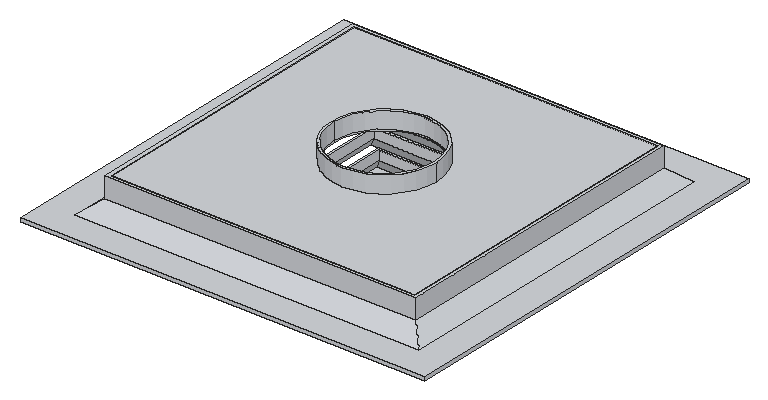
Revit family "Square Diffuser-Round Neck-Fresh Air", category Air Terminals, Revit 2013
Parameters (values of type "600x600-Square Diffuser-Round Neck-Fresh Air")
  UpFlowArrow [instance] = yes
  System Abbreviation = ""
  Spigot Radius [instance] = Spigot Diameter / 2  # 75 mm
  Spigot Outside Radius [instance] = Spigot Radius + 3.0 mm  # 78 mm
  Spigot Diameter [instance] = if(Air Flow < 31.0 L/s, 100.0 mm, if(Air Flow < 71.0 L/s, 150.0 mm, if(Air Flow < 121.0 L/s, 200.0 mm, if(Air Flow < 201.0 L/s, 250.0 mm, 300.0 mm))))  # 150 mm
  Pressure Drop [instance] = 14.0 Pa
  RightFlowArrow [instance] = yes
  Max Flow = 0.0 L/s
  LeftFlowArrow [instance] = yes
  Flow [instance] = 70.0 L/s
  Diffuser Service [instance] = "FA"
  Diffuser Neck Length = 450 mm
  Diffuser Neck Width = 450 mm
  DownFlowArrow [instance] = yes
  Diffuser Total Length = Diffuser Neck Length + 150.0 mm  # 600.0 mm
  Diffuser Total Width = Diffuser Neck Width + 150.0 mm  # 600.0 mm
  Description = ""
  Assembly Code = ""
  Air Flow [instance] = Flow  # 70.0 L/s
Types (5, lengths in mm): name | Spigot Radius | Spigot Outside Radius | Spigot Diameter | Flow | Diffuser Neck Length | Diffuser Neck Width | Diffuser Total Length | Diffuser Total Width | Air Flow
  600x600-Square Diffuser-Round Neck-Fresh Air | 75 | 78 | 150 | 70.0 L/s | 450 | 450 | 600.0 | 600.0 | 70.0 L/s
  300x300-Square Diffuser-Round Neck-Fresh Air | 75 | 78 | 150 | 70.0 L/s | 225 | 225 | 375.0 | 375.0 | 70.0 L/s
  375x375-Square Diffuser-Round Neck-Fresh Air | 75 | 78 | 150 | 70.0 L/s | 225 | 225 | 375.0 | 375.0 | 70.0 L/s
  450x450-Square Diffuser-Round Neck-Fresh Air | 100 | 103 | 200 | 95.0 L/s | 300 | 300 | 450.0 | 450.0 | 95.0 L/s
  525x525-Square Diffuser-Round Neck-Fresh Air | 150 | 153 | 300 | 320.0 L/s | 375 | 375 | 525.0 | 525.0 | 320.0 L/s
Reference planes
  plane 1 "Center (Front/Back)": y = 0
  plane 2: z = 0
  plane 3 "Center (Left/Right)": x = 0
  plane 4: x = -225
  plane 5: x = 225
  plane 6: x = -230
  plane 7: x = 230
  plane 8: y = 225
  plane 9: y = -225
  plane 10: y = 230
  plane 11: y = -230
  plane 12: z = -5
  plane 13: x = -255
  plane 14: x = -300
  plane 15: x = 255
  plane 16: x = 300
  plane 17: z = 20
  plane 18: z = 50
  plane 19: y = 350
  plane 20: x = 350
  plane 21: y = -350
  plane 22: x = -350
Forms (mm)
  Sweep 1, solid
    path origin (0, 0, 0) x (1, 0, 0) y (0, 1, 0)
      loop
        line (-230, -230) -> (230, -230) -> (230, 230) -> (-230, 230) -> (-230, -230)
    profile origin (-230, 0, 0) x (-1, 0, 0) y (0, 0, 1)
      loop
        line (70, -5) -> (70, 0) -> (25, 0) -> (0, 20) -> (0, 50) -> (-5, 50) -> (-5, 17.597) -> (23.246, -5) -> (70, -5)
  Sweep 2, solid
    path origin (0, 0, 0) x (1, 0, 0) y (0, 1, 0)
      loop
        line (-212.5, -212.5) -> (212.5, -212.5) -> (212.5, 212.5) -> (-212.5, 212.5) -> (-212.5, -212.5)
    profile "Sq Diff Fins : Sq Diff Fins" origin (-212.5, 0, 0) x (-1, 0, 0) y (0, 0, 1)
      loop
        line (0, -5) -> (-22, 20) -> (-22, 35) -> (-25, 35) -> (-25, 20) -> (-3.5, -5) -> (0, -5)
  Sweep 3, solid
    path origin (0, 0, 0) x (1, 0, 0) y (0, 1, 0)
      loop
        line (-175, -175) -> (175, -175) -> (175, 175) -> (-175, 175) -> (-175, -175)
    profile "Sq Diff Fins : Sq Diff Fins" origin (-175, 0, 0) x (-1, 0, 0) y (0, 0, 1)
      loop
        line (0, -5) -> (-22, 20) -> (-22, 35) -> (-25, 35) -> (-25, 20) -> (-3.5, -5) -> (0, -5)
  Sweep 4, solid
    path origin (0, 0, 0) x (1, 0, 0) y (0, 1, 0)
      loop
        line (-137.5, -137.5) -> (137.5, -137.5) -> (137.5, 137.5) -> (-137.5, 137.5) -> (-137.5, -137.5)
    profile "Sq Diff Fins : Sq Diff Fins" origin (-137.5, 0, 0) x (-1, 0, 0) y (0, 0, 1)
      loop
        line (0, -5) -> (-22, 20) -> (-22, 35) -> (-25, 35) -> (-25, 20) -> (-3.5, -5) -> (0, -5)
  Sweep 5, solid
    path origin (0, 0, 0) x (1, 0, 0) y (0, 1, 0)
      loop
        line (-100, -100) -> (100, -100) -> (100, 100) -> (-100, 100) -> (-100, -100)
    profile "Sq Diff Fins : Sq Diff Fins" origin (-100, 0, 0) x (-1, 0, 0) y (0, 0, 1)
      loop
        line (0, -5) -> (-22, 20) -> (-22, 35) -> (-25, 35) -> (-25, 20) -> (-3.5, -5) -> (0, -5)
  Sweep 6, solid
    path origin (0, 0, 0) x (1, 0, 0) y (0, 1, 0)
      loop
        line (-62.5, -62.5) -> (62.5, -62.5) -> (62.5, 62.5) -> (-62.5, 62.5) -> (-62.5, -62.5)
    profile "Sq Diff Fins : Sq Diff Fins" origin (-62.5, 0, 0) x (-1, 0, 0) y (0, 0, 1)
      loop
        line (0, -5) -> (-22, 20) -> (-22, 35) -> (-25, 35) -> (-25, 20) -> (-3.5, -5) -> (0, -5)
  Extrusion 7, solid
    sketch origin (0, 0, 0) x (1, 0, 0) y (0, 1, 0)
      loop
        line (-62.5, -62.5) -> (62.5, -62.5) -> (62.5, 62.5) -> (-62.5, 62.5) -> (-62.5, -62.5)
    from -5 to -4
  Extrusion 8, solid
    sketch origin (0, 0, 0) x (1, 0, 0) y (0, 1, 0)
      loop
        line (-225, -225) -> (225, -225) -> (225, 225) -> (-225, 225) -> (-225, -225)
    from 50 to 48
  Extrusion 9, solid
    sketch origin (0, 0, 0) x (1, 0, 0) y (0, 1, 0)
      loop
        circle (0, 0) r 75
      loop
        circle (0, 0) r 78
    from 50 to 75
  Extrusion 10, void
    sketch origin (0, 0, 0) x (1, 0, 0) y (0, 1, 0)
      loop
        circle (0, 0) r 75
    from 50 to 47
Cuts and joins
  Extrusion 10 cuts Extrusion 8
Lines and regions (mm)
  symbolic lines
    curve 1: line (-300, 300, 0) -> (300, 300, 0)
    curve 2: line (-300, -300, 0) -> (-300, 300, 0)
    curve 3: line (300, -300, 0) -> (-300, -300, 0)
    curve 4: line (300, 300, 0) -> (300, -300, 0)
    curve 5: line (300, 300, 0) -> (-300, -300, 0)
    curve 6: line (-300, 300, 0) -> (300, -300, 0)
Dimensions and locks
  equal spacing: plane 5, plane 3 "Center (Left/Right)", plane 4
  "Diffuser Neck Length": plane 5 to plane 4
  locked: plane 6 to plane 4 at 5
  locked: plane 7 to plane 5 at 5
  equal spacing: plane 8, plane 1 "Center (Front/Back)", plane 9
  "Diffuser Neck Width": plane 8 to plane 9
  locked: plane 9 to plane 11 at 5
  locked: plane 10 to plane 8 at 5
  locked: level to plane 12 at 5
  locked: plane 4 to plane 13 at 30
  locked: plane 13 to plane 14 at 45
  locked: plane 15 to plane 5 at 30
  locked: plane 16 to plane 15 at 45
  locked: plane 17 to level at 20
  locked: plane 18 to plane 17 at 30
  plane 5 to plane 20 = 125.0 mm
  plane 22 to plane 4 = 125.0 mm
  plane 19 to plane 8 = 125.0 mm
  plane 9 to plane 21 = 125.0 mm
  "Spigot Radius": radius of Extrusion 9 sketch curve
  "Spigot Outside Radius": radius of Extrusion 9 sketch curve
  "Spigot Radius": radius of Extrusion 10 sketch curve
  aligned and locked: plane 20 to nested 1
  aligned and locked: nested 3 to plane 22
  aligned and locked: plane 19 to nested 2
  aligned and locked: nested 4 to plane 21
Automatic sketch dimensions
  Sweep 1 sketch curve to plane 10 = 0.0 mm
  Sweep 1 sketch curve to plane 6 = 0.0 mm
  Sweep 1 sketch curve to plane 7 = 0.0 mm
  Sweep 1 sketch curve to plane 11 = 0.0 mm
  Sweep 1 sketch curve to profile plane = 0.0 mm
  Sweep 1 sketch curve to level = 0.0 mm
  Sweep 1 sketch curve to Sweep 1 sketch curve = 5.0 mm
  Sweep 1 sketch curve to profile plane = 25.0 mm
  Sweep 1 sketch curve to Sweep 1 sketch curve = 45.0 mm
  Sweep 1 sketch curve to level = 5.0 mm
  Sweep 1 sketch curve to Sweep 1 sketch curve = 1.754 mm
  level to Sweep 1 sketch curve = 20.0 mm
  Sweep 1 sketch curve to Sweep 1 sketch curve = 30.0 mm
  Sweep 1 sketch curve to Sweep 1 sketch curve = 2.403 mm
  Sweep 2 sketch curve to plane 8 = 12.5 mm
  plane 4 to Sweep 2 sketch curve = 12.5 mm
  plane 9 to Sweep 2 sketch curve = 12.5 mm
  Sweep 2 sketch curve to plane 5 = 12.5 mm
  plane 4 to Sweep 3 sketch curve = 50.0 mm
  Sweep 3 sketch curve to plane 8 = 50.0 mm
  Sweep 3 sketch curve to plane 5 = 50.0 mm
  plane 9 to Sweep 3 sketch curve = 50.0 mm
  plane 4 to Sweep 4 sketch curve = 87.5 mm
  Sweep 4 sketch curve to plane 8 = 87.5 mm
  Sweep 4 sketch curve to plane 5 = 87.5 mm
  plane 9 to Sweep 4 sketch curve = 87.5 mm
  Sweep 5 sketch curve to plane 3 "Center (Left/Right)" = 100.0 mm
  Sweep 5 sketch curve to plane 1 "Center (Front/Back)" = 100.0 mm
  plane 3 "Center (Left/Right)" to Sweep 5 sketch curve = 100.0 mm
  plane 1 "Center (Front/Back)" to Sweep 5 sketch curve = 100.0 mm
  Sweep 6 sketch curve to plane 3 "Center (Left/Right)" = 62.5 mm
  Sweep 6 sketch curve to plane 1 "Center (Front/Back)" = 62.5 mm
  plane 3 "Center (Left/Right)" to Sweep 6 sketch curve = 62.5 mm
  plane 1 "Center (Front/Back)" to Sweep 6 sketch curve = 62.5 mm
  Extrusion 7 sketch curve to plane 3 "Center (Left/Right)" = 62.5 mm
  plane 1 "Center (Front/Back)" to Extrusion 7 sketch curve = 62.5 mm
  plane 3 "Center (Left/Right)" to Extrusion 7 sketch curve = 62.5 mm
  Extrusion 7 sketch curve to plane 1 "Center (Front/Back)" = 62.5 mm
  Extrusion 8 sketch curve to plane 4 = 0.0 mm
  Extrusion 8 sketch curve to plane 5 = 0.0 mm
  Extrusion 8 sketch curve to plane 9 = 0.0 mm
  Extrusion 8 sketch curve to plane 8 = 0.0 mm
  Extrusion 9 sketch curve to Extrusion 9 sketch curve = 0.0 mm  (x2)
  Extrusion 9 sketch curve to plane 1 "Center (Front/Back)" = 0.0 mm
  Extrusion 9 sketch curve to plane 3 "Center (Left/Right)" = 0.0 mm
  Extrusion 10 sketch curve to plane 1 "Center (Front/Back)" = 0.0 mm
  Extrusion 10 sketch curve to plane 3 "Center (Left/Right)" = 0.0 mm
  curve 1 to plane 14 = 0.0 mm
  plane 21 to curve 3 = 50.0 mm
  curve 6 to plane 16 = 0.0 mm
  curve 4 to plane 19 = 50.0 mm
Nested families
  nested 1: "SDIFF-ARR" at (350, 0, 0), visible <- "RightFlowArrow", type "Suppy Diffuser Arrow"
  nested 2: "SDIFF-ARR" at (0, 350, 0) x (0, 1, 0) z (0, 0, 1), visible <- "UpFlowArrow", type "Suppy Diffuser Arrow"
  nested 3: "SDIFF-ARR" at (-350, 0, 0) x (-1, 0, 0) z (0, 0, 1), visible <- "LeftFlowArrow", type "Suppy Diffuser Arrow"
  nested 4: "SDIFF-ARR" at (0, -350, 0) x (0, -1, 0) z (0, 0, 1), visible <- "DownFlowArrow", type "Suppy Diffuser Arrow"
Connectors
  hvac at (0, 0, 75), driven by "Spigot Radius"
    settings: on Extrusion 9, index 1, duct flow 0.0 L/s, flow factor 0, pres drop 0.0 Pa, loss coef 0, conn angle 0.00°, conn width 304.8 mm, conn height 304.8 mm, conn radius 75 mm, duct sys type 1, conn prof type 0, flow config 0, flow direction 0, loss method 0, conn ref index -1, conn util no, is conn primary yes, conn desc ""
Definition of nested family "SDIFF-ARR"
  Parameters (values of type "Suppy Diffuser Arrow")
    Width = (Length / 2) / cos(15.00°)  # 310.583 mm
    Length = 600 mm
  Reference planes
    plane 1 "Center (Front/Back)": y = 0
    plane 2: z = 0
    plane 3 "Center (Left/Right)": x = 0
  Lines and regions (mm)
    Filled region 1, type "Solid Fill - Black", in view "Ref. Level"
      outline origin (0, 0, 0) x (1, 0, 0) y (0, 1, 0)
        loop
          line (0, -8.001) -> (100, -8.001) -> (100, -40.402) -> (200, 0) -> (100, 40.402) -> (100, 8) -> (0, 8) -> (0, -8.001)
    detail lines, in view "Ref. Level"
      curve 1: line (0, -8.001, 0) -> (0, 8, 0)
      curve 2: line (0, 8, 0) -> (100, 8, 0)
      curve 3: line (100, 8, 0) -> (100, 40.402, 0)
      curve 4: line (100, 40.402, 0) -> (200, 0, 0)
      curve 5: line (200, 0, 0) -> (100, -40.402, 0)
      curve 6: line (100, -40.402, 0) -> (100, -8.001, 0)
      curve 7: line (0, -8.001, 0) -> (100, -8.001, 0)
